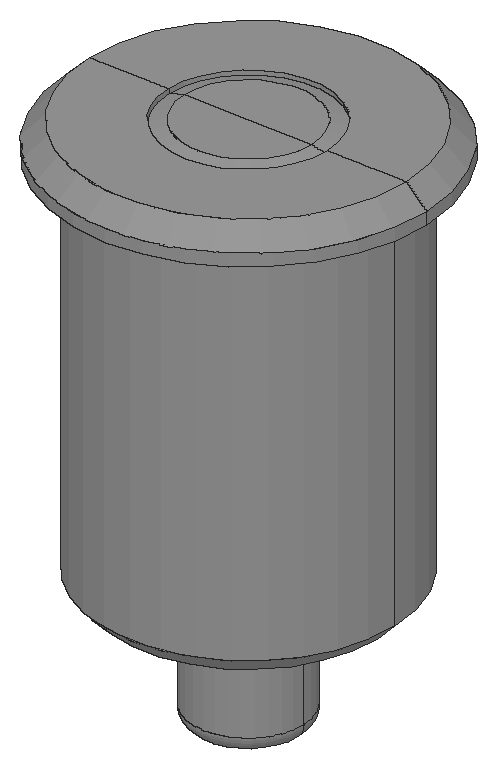
Revit family "4068851 Sylvania Lighting Fixture PATHE CEILING ROUND1 67LM LED 4K", category Lighting Fixtures, host Face, Revit 2016
Family settings
  Host = Face
  Part Type = Normal
  Round Connector Dimension = Use Diameter
  OmniClass Number = 23.80.70.00
  OmniClass Title = Lighting
  Cut with Voids When Loaded = No
  Light Source = Yes
  Shared = No
  Room Calculation Point = No
Parameters (values of type "4068851 PATHE/C/R1 67LM LED 4K")
  Weight = "0.185 kg"
  Wattage Comments = ""
  Wattage = 1.5 W
  WarrantyStartDate [instance] = "n/a"
  WarrantyGuarantorParts = "n/a"
  WarrantyDurationUnit = "n/a"
  WarrantyDurationParts = "n/a"
  WarrantyDescription = "n/a"
  built-in parameter 1150110 = 1 (stored number, unit not read)
  Voltage = 0 V
  URL = "http://www.sylvania-lighting.com"
  TypeName = "PATHE/CEILING/ROUND1 67LM LED 4K"
  Type Image = <None>
  Type Comments = "n/a"
  built-in parameter 1114217 = 1 (stored number, unit not read)
  Tilt Angle = -90.00°
  built-in parameter 1150109 = 1 (stored number, unit not read)
  built-in parameter 1150134 = 12
  built-in parameter 1150113 = 1 (stored number, unit not read)
  SerialNumber [instance] = "n/a"
  Radius_SYL = 22.5 mm
  RadiusDiffuser_SYL = 10 mm
  Photometric Web File = "4068851.ies"
  Material_3_SYL = Steel AISI 1006 85 HR
  PowerFactor = 0
  PowerConsumption = "1.5 W"
  NominalLength = 45 mm
  NominalHeight = 75 mm
  NominalDepth = 0 mm
  Name = "PATHE/CEILING/ROUND1 67LM LED 4K"
  ModelReference = Name  # "PATHE/CEILING/ROUND1 67LM LED 4K"
  ModelNumber = "4068851"
  Model = Name  # "PATHE/CEILING/ROUND1 67LM LED 4K"
  Material = "corrosion resistant anodized aluminium housing, anti uv polycarbonate diffuser"
  ManufacturerName = "Feilo Sylvania"
  Manufacturer = "Feilo Sylvania"
  LuminousEfficacy = "44.66 lm/W"
  built-in parameter 1150105 = 5.3317 (stored number, unit not read)
  Lumens = 67 lm
  LuminaireType = ""
  built-in parameter 1150115 = 1 (stored number, unit not read)
  LightOutputRatio = "100"
  built-in parameter 1150137 = (empty or 0)
  built-in parameter 1150139 = (empty or 0)
  LampsType = Lamp  # "LED"
  LampNominalLuminous = "67 lm"
  LampMacAdamStep = "n/a"
  LampColourTemperature = "4000 K"
  LampColourRenderingIndex = "80"
  built-in parameter 1150112 = 1 (stored number, unit not read)
  built-in parameter 1150114 = 1 (stored number, unit not read)
  Lamp = "LED"
  Keynote = "16500"
  InstallationDate [instance] = "n/a"
  InputVoltage = "n/a"
  InputNominalFrequency = "n/a"
  built-in parameter 1150132 = (empty or 0)
  built-in parameter 1150102 = (empty or 0)
  built-in parameter 1150107 = 4000 (stored number, unit not read)
  built-in parameter 1150138 = (empty or 0)
  IngressProtection = "IP68"
  ImpactProtectionIndex = "IK10"
  built-in parameter 1150106 = 0.053317 (stored number, unit not read)
  IfcExportType = "IfcLightFixtureType"
  IfcExportAs = "IfcLightFixtureType"
  HieghtTop_SYL = 3 mm
  ExpectedLife = 50000
  Emit from Circle Diameter = RadiusDiffuser_SYL * 2  # 20 mm
  Emit Shape Visible in Rendering = no
  ElectricShockClassification = "Class III"
  built-in parameter 1150104 = 4.1497 (stored number, unit not read)
  DurationUnit = "hours"
  DocumentationLiterature = "http://www.sylvania-lighting.com/product/en-int/products/4068851"
  DimmingControlOptions = "n/a"
  Material_2_SYL = Polycarbonate, Clear
  Dimming Lamp Color Temperature Shift = <None>
  Description = "Round recessed ceiling mounted luminaireCorrosion resistant anodized aluminium, 67lm, 1.5W, 45lm/W, 4000K, CRI80+, 50°, non dimmable, IP68, IK10, (ØxD) Ø45x75mm, 3 step MacAdam ellipse, Class III, 12-24V-DC, A++ A+ A"
  Default Elevation = 1219.2 mm
  CreatedOn = "9/21/2018"
  CreatedBy = "@sylvania-lighting.com"
  Cost = 0
  Color Filter = 16777215
  built-in parameter 1114216 [instance] = (empty or 0)
  ClassificationValue = "EF_70_80"
  ClassificationName = "Uniclass2015"
  Material_1_SYL = Aluminum 6061 T6 80 Hot Formed
  ChamferTop_SYL = 2.5 mm
  ChamferDiffuserTop_SYL = 2 mm
  ChamferDiffuserSide_SYL = 0.5 mm
  BarCode [instance] = "n/a"
  built-in parameter 1114218 = 1 (stored number, unit not read)
  built-in parameter 1150133 = 10 (stored number, unit not read)
  AssetType = "Fixed"
  AssetIdentifier [instance] = "n/a"
  Assembly Code = "D5020200"
  Apparent Load = 1.5 VA
  Material_4_SYL = none
Reference planes
  plane 1 "Center (Front/Back)": y = 0
  plane 2: z = 0
  plane 3 "Center (Left/Right)": x = 0
  plane 4: x = -22.5
  plane 5: z = -75
  plane 6: x = -10
  plane 7: z = 3
  plane 8: x = -20
  plane 9: z = -36
  plane 10: z = -29.5
  plane 11: x = -8
  plane 12: z = 2.5
  plane 13: z = -6
  plane 14: z = 0.5
  plane 15: x = -18.5
  plane 16: z = -50
  plane 17: z = -65
  plane 18: x = -7
  plane 19: z = -1
  plane 20: x = -16.3
  plane 21: z = -47.8
Forms (mm)
  Revolve 1, solid, material "Polycarbonate, Clear" <- "Material_2_SYL"
    sketch origin (0, 0, 0) x (1, 0, 0) y (0, 0, 1)
      loop
        line (-10, 2.5) -> (-10, 0) -> (0, 0) -> (0, 3) -> (-8, 3) -> (-10, 2.5)
      axis (0, 3) -> (0, 0)
    angle from 360 to 0
  Revolve 2, solid, material "Aluminum 6061 T6 80 Hot Formed" <- "Material_1_SYL"
    sketch origin (0, 0, 0) x (1, 0, 0) y (0, 0, 1)
      loop
        line (-10, 3) -> (-20, 3) -> (-22.5, 0.5) -> (-22.5, -1) -> (-18.5, -1) -> (-18.5, -47.8) -> (-16.3, -50) -> (-7, -50) -> (-7, -63)
        arc (-7, -63) -> (-6.414, -64.414) -> (-5, -65) r 2
        line (-5, -65) -> (0, -65) -> (0, -6) -> (-10, -6) -> (-10, 3)
      axis (0, 3) -> (0, -65)
    angle from 360 to 0
  Revolve 3, void
    sketch origin (0, 0, 0) x (1, 0, 0) y (0, 0, 1)
      loop
        line (-20, 0) -> (-20, -75) -> (0, -75) -> (0, 0) -> (-20, 0)
      axis (0, 0) -> (0, -75)
    angle from 360 to 0
Cuts and joins
  Revolve 3 cuts Revolve 1
Dimensions and locks
  locked: plane 2 to plane 5 at 75
  "Radius_SYL": plane 3 "Center (Left/Right)" to plane 4
  "RadiusDiffuser_SYL": plane 3 "Center (Left/Right)" to plane 6
  "ChamferTop_SYL": plane 8 to plane 4
  "ChamferDiffuserSide_SYL": plane 7 to plane 12
  "ChamferDiffuserTop_SYL": plane 11 to plane 6
  locked: plane 2 to plane 13 at 6
  "ChamferTop_SYL": plane 7 to plane 14
  "HieghtTop_SYL": plane 7 to plane 2
  locked: plane 3 "Center (Left/Right)" to plane 15 at 18.5
  locked: plane 2 to plane 16 at 50
  locked: plane 3 "Center (Left/Right)" to plane 18 at 7
  locked: plane 16 to plane 17 at 15
  locked: plane 2 to plane 19 at 1
  locked: plane 21 to plane 16 at 2.2
  locked: plane 20 to plane 15 at 2.2
  aligned and locked: plane 2 to host face
  aligned and locked: level to host face
  aligned and locked: plane 7 to Revolve 1 sketch curve
  aligned and locked: Revolve 1 sketch curve to plane 3 "Center (Left/Right)"  (x2)
  aligned and locked: plane 11 to Revolve 1 sketch curve
  aligned and locked: plane 6 to Revolve 1 sketch curve
  aligned and locked: plane 12 to Revolve 1 sketch curve
  aligned and locked: imposter light to plane 7
  aligned and locked: imposter light to plane 1 "Center (Front/Back)"
  aligned and locked: plane 3 "Center (Left/Right)" to imposter light
  aligned and locked: Revolve 2 sketch curve to plane 6
  aligned and locked: Revolve 2 sketch curve to plane 7
  aligned and locked: plane 14 to Revolve 2 sketch curve
  aligned and locked: Revolve 2 sketch curve to plane 4
  aligned and locked: Revolve 2 sketch curve to plane 15
  aligned and locked: plane 16 to Revolve 2 sketch curve
  aligned and locked: Revolve 2 sketch curve to plane 18
  aligned and locked: plane 17 to Revolve 2 sketch curve
  aligned and locked: plane 3 "Center (Left/Right)" to Revolve 2 sketch curve
  aligned and locked: Revolve 2 sketch curve to plane 13
  aligned and locked: Revolve 2 sketch curve to plane 3 "Center (Left/Right)"
  aligned and locked: plane 19 to Revolve 2 sketch curve
  aligned and locked: Revolve 3 sketch curve to plane 3 "Center (Left/Right)"  (x2)
  aligned and locked: Revolve 3 sketch curve to level
  aligned and locked: plane 8 to Revolve 3 sketch curve
  aligned and locked: Revolve 3 sketch curve to plane 5
  aligned and locked: plane 20 to Revolve 2 sketch curve
  aligned and locked: plane 15 to Revolve 2 sketch curve
  aligned and locked: plane 21 to Revolve 2 sketch curve
Automatic sketch dimensions
  host sketch curve to host sketch curve = 2438.4 mm  (x2)
  plane 5 to Revolve 1 sketch curve = 534.6 mm
  Revolve 1 sketch curve to Revolve 1 sketch curve = 2607.058 mm
  Revolve 1 sketch curve to level = 0 mm
  plane 5 to Revolve 3 sketch curve = 534.6 mm
  Revolve 3 sketch curve to plane 7 = 2606.058 mm
  Revolve 2 sketch curve to plane 8 = 0 mm
  plane 18 to Revolve 2 sketch curve = 2 mm
  plane 5 to Revolve 2 sketch curve = 534.6 mm
  Revolve 2 sketch curve to plane 7 = 2607.058 mm
Connectors
  electrical at (0, 0, 0), driven by "Apparent Load", driven by "PowerFactor", driven by "Voltage"
    settings: index 1, voltage 0 V, apparent load 1.5 VA, apparent load phase1 0 VA, apparent load phase2 0 VA, apparent load phase3 0 VA, power factor 0, load classification "Lighting", number of poles 1, system type 30, power factor state 1, is connector primary yes, connector utility no, sub classification motor no, connector description ""
